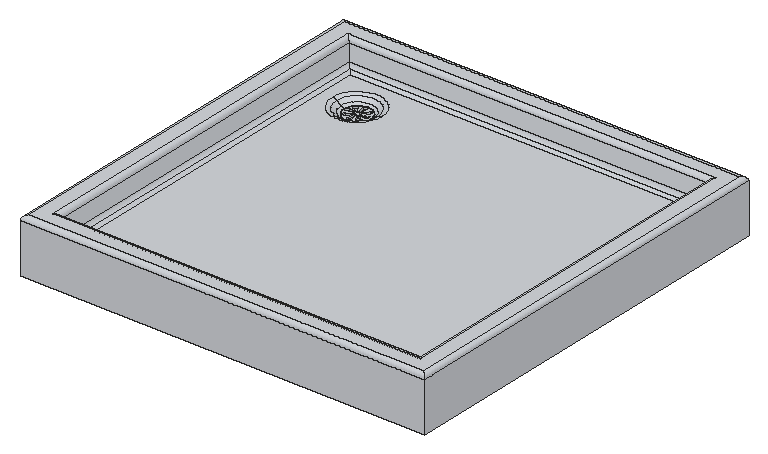
Revit family
Parameters (values of type "900 x 900")
  Width = 900 mm
  Material = none
  Manufacturer = "Revit"
  Depth = 900 mm
  Assembly Code = "D2010710"
Types (11, lengths in mm): name | Width | Depth
  (no name) | 900 | 900
  800 x 800 | 800 | 800
  800 x 700 | 800 | 700
  700 x 700 | 700 | 700
  900 x 700 | 900 | 700
  700 x 900 | 700 | 900
  700 x 800 | 700 | 800
  900 x 750 | 900 | 750
  750 x 750 | 750 | 750
  900 x 900 | 900 | 900
  850 x 850 | 850 | 850
Reference planes
  plane 1 "Center (Front/Back)": y = 0
  plane 2: z = 0
  plane 3 "Center (Left/Right)": x = 0
  plane 4: x = -450
  plane 5: y = 450
  plane 6: x = 450
  plane 7: y = -450
  plane 8: x = -300
  plane 9: y = 300
Forms (mm)
  Sweep 1, solid, material <- "Material"
    path origin (0, 0, 0) x (1, 0, 0) y (0, 1, 0)
      loop
        line (-450, 450) -> (-450, -450) -> (450, -450) -> (450, 450) -> (-450, 450)
    profile origin (0, 0, 0) x (0, 1, 0) y (0, 0, 1)
      loop
        line (450, 0) -> (450, 110)
        arc (450, 110) -> (447.071, 117.071) -> (440, 120) r 10
        line (440, 120) -> (410, 120)
        arc (410, 120) -> (402.929, 117.071) -> (400, 110) r 10
        line (400, 110) -> (394.149, 76.818)
        arc (394.149, 76.818) -> (392.193, 71.056) -> (388.595, 66.149) r 20
        line (388.595, 66.149) -> (382.446, 60) -> (382.446, 0) -> (450, 0)
  Extrusion 2, solid, material <- "Material"
    sketch origin (0, 0, 0) x (1, 0, 0) y (0, 1, 0)
      loop
        circle (-300, 300) r 30
      loop
        line (382.446, 382.446) -> (-382.446, 382.446) -> (-382.446, -382.446) -> (382.446, -382.446) -> (382.446, 382.446)
    from 0 to 60
  Revolve 3, void
    sketch origin (0, 300, 0) x (1, 0, 0) y (0, 0, 1)
      loop
        line (-300, 45) -> (-278.333, 45)
        arc (-278.333, 45) -> (-270.428, 46.283) -> (-263.333, 50) r 25
        line (-263.333, 50) -> (-254, 57)
        arc (-254, 57) -> (-249.743, 59.23) -> (-245, 60) r 15
        line (-245, 60) -> (-240, 60) -> (-240, 70) -> (-300, 70) -> (-300, 45)
      axis (-300, 45) -> (-300, 70)
    angle from 0 to 360
  Extrusion 4, solid
    sketch origin (0, 0, 3.364) x (1, 0, 0) y (0, 1, 0)
      loop
        circle (-300, 300) r 30
      loop
        arc (-302.144, 307.224) -> (-300.094, 305.174) -> (-298.044, 307.224) r 2.05
        line (-298.044, 307.224) -> (-295.017, 321.53)
        arc (-295.017, 321.53) -> (-300, 326.513) -> (-304.983, 321.53) r 4.983
        line (-304.983, 321.53) -> (-302.144, 307.224)
      loop
        line (-302.144, 292.776) -> (-304.983, 278.47)
        arc (-304.983, 278.47) -> (-300, 273.487) -> (-295.017, 278.47) r 4.983
        line (-295.017, 278.47) -> (-298.044, 292.776)
        arc (-298.044, 292.776) -> (-300.094, 294.826) -> (-302.144, 292.776) r 2.05
      loop
        arc (-307.224, 297.856) -> (-305.174, 299.906) -> (-307.224, 301.956) r 2.05
        line (-307.224, 301.956) -> (-321.53, 304.983)
        arc (-321.53, 304.983) -> (-326.513, 300) -> (-321.53, 295.017) r 4.983
        line (-321.53, 295.017) -> (-307.224, 297.856)
      loop
        line (-292.776, 297.856) -> (-278.47, 295.017)
        arc (-278.47, 295.017) -> (-273.487, 300) -> (-278.47, 304.983) r 4.983
        line (-278.47, 304.983) -> (-292.776, 301.956)
        arc (-292.776, 301.956) -> (-294.826, 299.906) -> (-292.776, 297.856) r 2.05
      loop
        arc (-306.624, 303.593) -> (-303.725, 303.593) -> (-303.725, 306.492) r 2.05
        line (-303.725, 306.492) -> (-311.701, 318.747)
        arc (-311.701, 318.747) -> (-318.747, 318.747) -> (-318.747, 311.701) r 4.983
        line (-318.747, 311.701) -> (-306.624, 303.593)
      loop
        line (-296.407, 293.376) -> (-288.299, 281.253)
        arc (-288.299, 281.253) -> (-281.253, 281.253) -> (-281.253, 288.299) r 4.983
        line (-281.253, 288.299) -> (-293.508, 296.275)
        arc (-293.508, 296.275) -> (-296.407, 296.275) -> (-296.407, 293.376) r 2.05
      loop
        arc (-303.593, 293.376) -> (-303.593, 296.275) -> (-306.492, 296.275) r 2.05
        line (-306.492, 296.275) -> (-318.747, 288.299)
        arc (-318.747, 288.299) -> (-318.747, 281.253) -> (-311.701, 281.253) r 4.983
        line (-311.701, 281.253) -> (-303.593, 293.376)
      loop
        line (-293.376, 303.593) -> (-281.253, 311.701)
        arc (-281.253, 311.701) -> (-281.253, 318.747) -> (-288.299, 318.747) r 4.983
        line (-288.299, 318.747) -> (-296.275, 306.492)
        arc (-296.275, 306.492) -> (-296.275, 303.593) -> (-293.376, 303.593) r 2.05
    from 40.065 to 43.065
Cuts and joins
  Revolve 3 cuts Sweep 1
  Revolve 3 cuts Extrusion 2
  joined: Sweep 1, Extrusion 2
Lines and regions (mm)
  symbolic lines
    curve 1: line (-450, 450, 0) -> (450, 450, 0)
    curve 2: line (-450, -450, 0) -> (-450, 450, 0)
    curve 3: line (450, -450, 0) -> (-450, -450, 0)
    curve 4: line (450, 450, 0) -> (450, -450, 0)
    curve 5: line (-400, 400, 0) -> (400, 400, 0)
    curve 6: line (400, 400, 0) -> (400, -400, 0)
    curve 7: line (400, -400, 0) -> (-400, -400, 0)
    curve 8: line (-400, -400, 0) -> (-400, 400, 0)
    curve 9: circle (-300, 300, 0) r 30 normal (0, 0, 1)
Dimensions and locks
  "Width": plane 4 to plane 6
  "Depth": plane 7 to plane 5
  equal spacing: plane 7, plane 1 "Center (Front/Back)", plane 5
  equal spacing: plane 4, plane 3 "Center (Left/Right)", plane 6
  locked: plane 4 to plane 8 at 150
  locked: plane 9 to plane 5 at 150
  aligned and locked: plane 4 to Sweep 1 sketch curve
  aligned and locked: plane 5 to Sweep 1 sketch curve
  aligned and locked: plane 7 to Sweep 1 sketch curve
  aligned and locked: plane 6 to Sweep 1 sketch curve
  aligned and locked: Extrusion 2 sketch curve to Sweep 1  (x4)
  aligned and locked: Revolve 3 sketch curve to plane 8  (x2)
  aligned and locked: curve 1 to cut or joined group of Sweep 1, Extrusion 2, Revolve 3  (x2)
  aligned and locked: cut or joined group of Sweep 1, Extrusion 2, Revolve 3 to curve 4
  aligned and locked: curve 4 to cut or joined group of Sweep 1, Extrusion 2, Revolve 3
Automatic sketch dimensions
  Extrusion 2 sketch curve to plane 8 = 0 mm
  Extrusion 2 sketch curve to plane 9 = 0 mm
  Sweep 1 sketch curve to level = 0 mm
  Sweep 1 sketch curve to profile plane = 0 mm
  profile plane to Sweep 1 sketch curve = 10 mm
  Sweep 1 sketch curve to Sweep 1 sketch curve = 30 mm
  Sweep 1 sketch curve to Sweep 1 sketch curve = 10 mm
  Sweep 1 sketch curve to Sweep 1 sketch curve = 5.851 mm
  Sweep 1 sketch curve to Sweep 1 sketch curve = 5.554 mm
  Sweep 1 sketch curve to Sweep 1 sketch curve = 6.149 mm  (x2)
  Sweep 1 sketch curve to Sweep 1 sketch curve = 19.696 mm
  level to Sweep 1 sketch curve = 60 mm
  Sweep 1 sketch curve to Sweep 1 sketch curve = 10.669 mm
  Sweep 1 sketch curve to Sweep 1 sketch curve = 33.182 mm
  Revolve 3 sketch curve to plane 8 = 21.667 mm
  Revolve 3 sketch curve to Revolve 3 sketch curve = 15 mm
  Revolve 3 sketch curve to Revolve 3 sketch curve = 9.333 mm
  Revolve 3 sketch curve to Revolve 3 sketch curve = 9 mm
  Revolve 3 sketch curve to Revolve 3 sketch curve = 5 mm  (x2)
  Revolve 3 sketch curve to level = 508 mm
  level to Revolve 3 sketch curve = 45 mm
  Revolve 3 sketch curve to Revolve 3 sketch curve = 0 mm  (x2)
  Revolve 3 sketch curve to Revolve 3 sketch curve = 7 mm
  Revolve 3 sketch curve to Revolve 3 sketch curve = 558 mm
  Extrusion 4 sketch curve to plane 9 = 0 mm  (x3)
  Extrusion 4 sketch curve to plane 8 = 0 mm  (x3)
  plane 8 to Extrusion 4 sketch curve = 0.094 mm  (x2)
  Extrusion 4 sketch curve to Extrusion 4 sketch curve = 2.05 mm  (x2)
  Extrusion 4 sketch curve to Extrusion 4 sketch curve = 1.449 mm  (x12)
  Extrusion 4 sketch curve to Extrusion 4 sketch curve = 1.582 mm  (x3)
  plane 8 to Extrusion 4 sketch curve = 4.983 mm  (x2)
  plane 9 to Extrusion 4 sketch curve = 0.094 mm  (x2)
  Extrusion 4 sketch curve to Extrusion 4 sketch curve = 0.733 mm  (x2)
  Extrusion 4 sketch curve to Extrusion 4 sketch curve = 6.718 mm  (x4)
  Extrusion 4 sketch curve to Extrusion 4 sketch curve = 3.523 mm  (x12)
  Extrusion 4 sketch curve to plane 9 = 11.701 mm  (x2)
  plane 9 to Extrusion 4 sketch curve = 4.983 mm  (x2)
  Extrusion 4 sketch curve to Extrusion 4 sketch curve = 2.783 mm  (x4)
  Extrusion 4 sketch curve to Extrusion 4 sketch curve = 1.636 mm  (x2)
  Extrusion 4 sketch curve to Extrusion 4 sketch curve = 1.769 mm
  plane 9 to Extrusion 4 sketch curve = 3.725 mm
  Extrusion 4 sketch curve to plane 9 = 3.593 mm
  Extrusion 4 sketch curve to Extrusion 4 sketch curve = 0.6 mm  (x3)
  plane 9 to Extrusion 4 sketch curve = 11.701 mm
  Extrusion 4 sketch curve to Extrusion 4 sketch curve = 10.241 mm
  plane 9 to Extrusion 4 sketch curve = 7.224 mm
  curve 9 to plane 8 = 0 mm
  curve 9 to plane 9 = 0 mm
  curve 7 to plane 4 = 50 mm
  plane 6 to curve 5 = 50 mm
  curve 8 to plane 7 = 50 mm
  plane 5 to curve 5 = 50 mm
  radius of Extrusion 2 sketch curve = 30 mm
  radius of Extrusion 4 sketch curve = 30 mm
  radius of curve 9 = 30 mm
